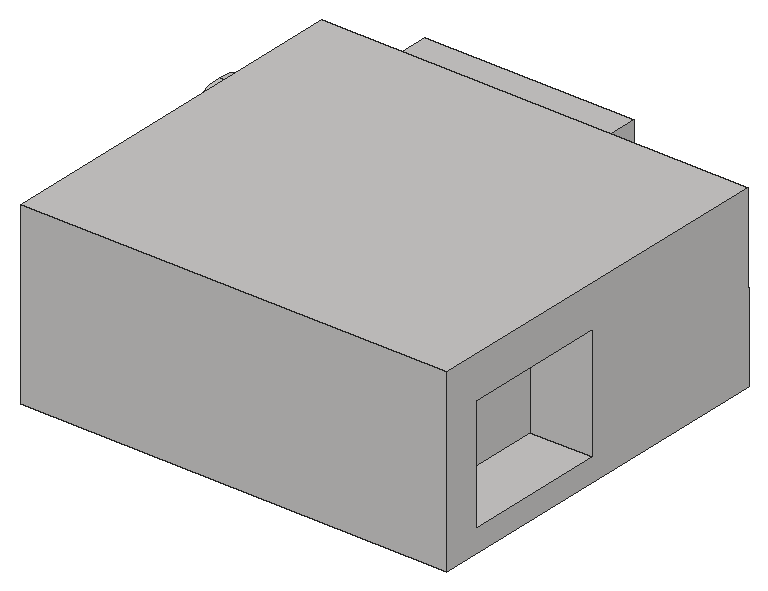
Revit family
Parameters
  Width = 3' - 0 1/8"
  Voltage = 208 V
  Unit Weight = "155.0 lbs"
  UltraLoc Liner = Choose Liner Option = 3  # no
  URL = "http://www.titus-hvac.com/"
  UL = "181"
  Supply Air Flow [instance] = 0 CFM
  SteriLoc Liner = Choose Liner Option = 2  # no
  Primary Air Pressure Drop [instance] = 0.00 in-wg
  Primary Air Flow [instance] = 0 CFM
  Plenum Air Pressure Drop [instance] = 0.00 in-wg
  Plenum Air Flow [instance] = 0 CFM
  Outlet Width = 1' - 2"
  Outlet Vertical Offset = 0' - 1 1/8"
  Outlet Horizontal Offset = 0' - 1 3/8"
  Outlet Height = 0' - 11"
  Number of Poles = 2
  Nominal Width = Width + 0' 6 1/4"  # 3' - 6 3/8"
  Nominal Length = Length + 0' 3 3/8"  # 3' - 8 1/4"
  Nominal Inlet Size = 1' - 0"
  Nominal Height = 1' - 5 1/8"
  NFPA = "90A"
  Motor Full Load Amps = 4.1 A
  Model = "DTQS"
  Min. Air Flow = 0 CFM
  Max. Air Flow = 0 CFM
  Material = Galvanized Steel
  Manufacturer = "Titus"
  Length = 3' - 4 7/8"
  Juction Box Offset = 0' - 4 7/8"
  Inlet Diameter = Nominal Inlet Size - 0' 0 1/8"  # 0' - 11 7/8"
  Induced Air Inlet Offset = 0' - 4 1/2"
  Induced Air Inlet Width = 1' - 1 1/4"
  Induced Air Inlet Height = 1' - 2 1/2"
  Induced Air Filter = no
  Heating Total Capacity [instance] = 0 Btu/h
  Half Outlet Connection Width = Outlet Width / 2  # 0' - 7"
  Half Outlet Connection Height = Outlet Height / 2  # 0' - 5 1/2"
  Half Height Start = -(Nominal Height / 2)  # -0' - 8 9/16"
  Half Height End = Nominal Height / 2  # 0' - 8 9/16"
  HP-Motor = "1/3"
  Frequency = 60 Hz
  Filter Size = "19\"x17\""
  Fiber Free Liner = Choose Liner Option = 1  # no
  Fan Disconnect Switch = no
  Duct Radius = Nominal Inlet Size / 2  # 0' - 6"
  Description = "Series Fan Powered Terminal Unit, Direct Digital Control, Pressure Independent"
  Connection Void Radius = Connection Radius - 0' 0 1/4"  # 0' - 5 11/16"
  Connection Radius = Inlet Diameter / 2  # 0' - 5 15/16"
  Choose Liner Option = 0
  CADworks URL = "www.CADworks.net"
  Assembly Code = "D3040100"
  Apparent Power = Voltage * Motor Full Load Amps  # 852.8 VA
  Air Inlet Offset = 0' - 8"
  1/2" Fiberglass Liner = Choose Liner Option = 0  # yes
Reference planes (in)
  plane 1 "Center (Front/Back)": y = 0
  plane 2: z = 0
  plane 3 "Center (Left/Right)": x = 3
  plane 4: x = -17.4375
  plane 5: x = 23.4375
  plane 6: x = -12.5625
  plane 7: x = -20.8125
  plane 8 "Center (Elevation)": z = 0
  plane 9: y = -18.0625
  plane 10: y = 18.0625
  plane 11: y = 10.0625
  plane 12: y = -13.5625
  plane 13: x = -11.4375
  plane 14: x = 17.4375
  plane 15: y = 24.3125
  plane 16: z = 8.5625
  plane 17: z = -8.5625
Forms (in)
  Extrusion 1, solid, material "Galvanized Steel" <- "Material"
    sketch origin (61, -3.76302, 78.80279) x (1, 0, 0) y (0, 1, 0)
      loop
        line (-78.4375, 21.82552) -> (-78.4375, -14.29948) -> (-37.5625, -14.29948) -> (-37.5625, 21.82552) -> (-78.4375, 21.82552)
    from -87.36529 <- "Half Height Start" to -70.24029 <- "Half Height End"
  Extrusion 2, solid, material "Galvanized Steel" <- "Material"
    sketch origin (6.0625, 0, 42) x (1, 0, 0) y (0, 1, 0)
      loop
        line (-18.625, 18.0625) -> (1.375, 18.0625) -> (1.375, 24.3125) -> (-18.625, 24.3125) -> (-18.625, 18.0625)
    from -48 to -36
  Extrusion 3, void
    sketch origin (23.4375, 18.0625, 76.42779) x (0, 1, 0) y (0, 0, -1)
      loop
        line (-18.625, 71.86529) -> (-18.625, 82.86529) -> (-32.625, 82.86529) -> (-32.625, 71.86529) -> (-18.625, 71.86529)
    from 0 to 6
  Extrusion 4, solid, material "Galvanized Steel" <- "Material"
    sketch origin (-24.875, -0.4375, 0) x (0, 0, -1) y (0, 1, 0)
      loop
        circle (0, 10.5) r 5.9375
    from 4.0625 to 7.4375
  Extrusion 5, void
    sketch origin (-24.875, 0, 0) x (0, 1, 0) y (0, 0, 1)
      loop
        circle (10.0625, 0) r 5.6875
    from 4.0625 to 13.4375
  Extrusion 6, void
    sketch origin (-17.4375, -18.0625, 78.67779) x (0, -1, 0) y (0, 0, -1)
      loop
        line (-17.75, 71.49029) -> (-4.5, 71.49029) -> (-4.5, 85.99029) -> (-17.75, 85.99029) -> (-17.75, 71.49029)
    from 0 to 6
Cuts and joins
  Extrusion 3, Extrusion 5, Extrusion 6 cuts Extrusion 1
  Extrusion 5 cuts Extrusion 4
Dimensions and locks (in)
  "Length": plane 5 to plane 4
  equal spacing: plane 5, plane 3 "Center (Left/Right)", plane 4
  locked: Extrusion 2 to plane 6 at 0
  locked: Extrusion 2 to Extrusion 2 at 20
  "Juction Box Offset": plane 6 to plane 4
  "Outlet Height": Extrusion 3 sketch curve to Extrusion 3 sketch curve
  "Outlet Width": Extrusion 3 sketch curve to Extrusion 3 sketch curve
  locked: plane 4 to plane 7 at 3.375
  "Width": plane 9 to plane 10
  equal spacing: plane 9, plane 1 "Center (Front/Back)", plane 10
  locked: Extrusion 4 sketch curve to level at 0
  locked: Extrusion 4 sketch curve to plane 11 at 0
  locked: Extrusion 5 sketch curve to level at 0
  locked: Extrusion 5 sketch curve to plane 11 at 0
  locked: Extrusion 2 to Extrusion 2 at 6.25
  "Air Inlet Offset": plane 10 to plane 11
  locked: Extrusion 2 to plane 10 at 0
  locked: cut or joined group of Extrusion 4, Extrusion 5 to plane 7 at 0
  locked: cut or joined group of Extrusion 4, Extrusion 5 to cut or joined group of Extrusion 4, Extrusion 5 at 3.375
  "Induced Air Inlet Offset": plane 9 to plane 12
  "Induced Air Inlet Width": Extrusion 6 sketch curve to Extrusion 6 sketch curve
  "Induced Air Inlet Height": Extrusion 6 sketch curve to Extrusion 6 sketch curve
  "Induced Air Inlet Offset": Extrusion 6 sketch curve to plane 9
  locked: plane 9 to Extrusion 3 sketch curve at 3.5
  cut or joined group of Extrusion 1, Extrusion 3, Extrusion 5, Extrusion 6 to Extrusion 6 sketch curve = 0' - 1 3/8"
  cut or joined group of Extrusion 1, Extrusion 3, Extrusion 5, Extrusion 6 to Extrusion 3 sketch curve = 0' - 2 1/8"
  locked: Extrusion 2 to Extrusion 2 at 12
  equal spacing: Extrusion 2, level, Extrusion 2
  locked: cut or joined group of Extrusion 1, Extrusion 3, Extrusion 5, Extrusion 6 to cut or joined group of Extrusion 1, Extrusion 3, Extrusion 5, Extrusion 6 at 17.125
  equal spacing: cut or joined group of Extrusion 1, Extrusion 3, Extrusion 5, Extrusion 6, level, cut or joined group of Extrusion 1, Extrusion 3, Extrusion 5, Extrusion 6
  locked: plane 4 to plane 13 at 6
  locked: plane 14 to plane 5 at 6
  "Connection Radius": radius of Extrusion 4 sketch curve
  "Connection Void Radius": radius of Extrusion 5 sketch curve
  aligned and locked: cut or joined group of Extrusion 1, Extrusion 3, Extrusion 5, Extrusion 6 to plane 10
  aligned and locked: plane 9 to cut or joined group of Extrusion 1, Extrusion 3, Extrusion 5, Extrusion 6
  aligned and locked: plane 5 to cut or joined group of Extrusion 1, Extrusion 3, Extrusion 5, Extrusion 6
  aligned and locked: cut or joined group of Extrusion 1, Extrusion 3, Extrusion 5, Extrusion 6 to plane 4
  aligned and locked: Extrusion 3 to plane 14
  aligned and locked: plane 13 to Extrusion 6
  aligned and locked: Extrusion 6 to Extrusion 5
Automatic sketch dimensions
  plane 4 to Extrusion 1 sketch curve = 0' - 0"
  plane 5 to Extrusion 1 sketch curve = 0' - 0"
  plane 9 to Extrusion 1 sketch curve = 0' - 0"
  plane 10 to Extrusion 1 sketch curve = 0' - 0"
  Extrusion 2 sketch curve to plane 6 = 0' - 0"
  Extrusion 2 sketch curve to plane 10 = 0' - 0"
  plane 3 "Center (Left/Right)" to Extrusion 2 sketch curve = 0' - 4 7/16"
  Extrusion 2 sketch curve to plane 10 = 0' - 6 1/4"
Connectors (in)
  electrical at (-2.5625, 24.3125, 0), driven by "Apparent Power", driven by "Voltage", driven by "Number of Poles"
    settings: on Extrusion 2, index 8
  hvac at (-20.8125, 10.0625, 0), driven by "Primary Air Flow", driven by "Duct Radius", driven by "Primary Air Pressure Drop"
    settings: on cut or joined group of Extrusion 4, Extrusion 5, index 9
  hvac at (-17.4375, -6.9375, -0.0625), driven by "Induced Air Inlet Width", driven by "Induced Air Inlet Height", driven by "Plenum Air Pressure Drop", driven by "Plenum Air Flow"
    settings: on cut or joined group of Extrusion 1, Extrusion 3, Extrusion 5, Extrusion 6, index 14
  hvac at (23.4375, -7.5625, -0.9375), driven by "Supply Air Flow", driven by "Outlet Width", driven by "Outlet Height"
    settings: on cut or joined group of Extrusion 1, Extrusion 3, Extrusion 5, Extrusion 6, index 15
